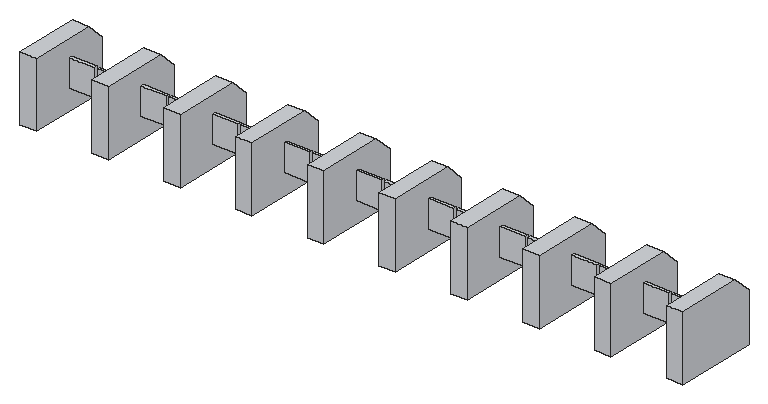
Revit family "TurnStile", category Generic Models, Revit 2024
Family settings
  Can host rebar = No
  Round Connector Dimension = Use Diameter
  Part Type = Normal
  Work Plane-Based = No
  Always vertical = Yes
  Cut with Voids When Loaded = No
  Maintain Annotation Orientation = No
  Shared = No
  Room Calculation Point = No
Parameters (values of type "SD")
  turnstile w [instance] = 1' - 0"  # constant formula
  num_array act [instance] = (L - edge offset * 2) / (module_desired) - 1  # 9
  module_desired [instance] = turnstile w + gap_desired  # 4' - 0"
  module_act [instance] = (L - edge offset * 2) / (num_array act)  # 4' - 4"
  gap_desired = 3' - 0"
  edge offset [instance] = turnstile w / 2  # 0' - 6"
  L [instance] = 40' - 0"
  Default Elevation = 0' - 0"
Reference planes (in)
  plane 1 "Center (Front/Back)": y = 0
  plane 2: z = 0
  plane 3 "Center (Left/Right)": x = 0
  plane 4: x = 480
  plane 5: x = 6
  plane 6: x = 422
  plane 7: x = 474
Dimensions and locks (in)
  "L": plane 3 "Center (Left/Right)" to plane 4
  "edge offset": plane 3 "Center (Left/Right)" to plane 5
  equal spacing: group 1, group 3, group 4, group 5, group 6, group 7, group 8, group 9, group 2  (x3)
  "module_act": plane 6 to plane 7
  "edge offset": plane 7 to plane 4
  aligned and locked: plane 2 to level
  aligned and locked: plane 1 "Center (Front/Back)" to nested 1
  aligned and locked: nested 2 to plane 6
  aligned and locked: plane 1 "Center (Front/Back)" to nested 2
  aligned and locked: plane 1 "Center (Front/Back)" to nested 4
  aligned and locked: plane 7 to nested 4
  aligned and locked: nested 1 to plane 5
Nested families (in)
  nested 1: "single turnstile" at (6, 0, 0), gap <- "gap_desired", actual module <- "module_act", type "single turnstile"
    with show_door yes, gap 3' - 4", door swing 1' - 7", door from CL 2' - 1", actual module 4' - 4"
  nested 2: "single turnstile" at (422, 0, 0), gap <- "gap_desired", actual module <- "module_act", type "single turnstile"
    with show_door yes, gap 3' - 4", door swing 1' - 7", door from CL 2' - 1", actual module 4' - 4"
  nested 3: "single turnstile" at (58, 0, 0), gap <- "gap_desired", actual module <- "module_act", type "single turnstile"
    with show_door yes, gap 3' - 4", door swing 1' - 7", door from CL 2' - 1", actual module 4' - 4"
  nested 4: "single turnstile" at (474, 0, 0), type "single turnstile"
    with show_door no, gap 6' - 11.45669", door swing 3' - 4.72835", door from CL 3' - 10.72835", actual module 7' - 11.45669"
  nested 5: "single turnstile" at (110, 0, 0), gap <- "gap_desired", actual module <- "module_act", type "single turnstile"
    with show_door yes, gap 3' - 4", door swing 1' - 7", door from CL 2' - 1", actual module 4' - 4"
  nested 6: "single turnstile" at (162, 0, 0), gap <- "gap_desired", actual module <- "module_act", type "single turnstile"
    with show_door yes, gap 3' - 4", door swing 1' - 7", door from CL 2' - 1", actual module 4' - 4"
  nested 7: "single turnstile" at (214, 0, 0), gap <- "gap_desired", actual module <- "module_act", type "single turnstile"
    with show_door yes, gap 3' - 4", door swing 1' - 7", door from CL 2' - 1", actual module 4' - 4"
  nested 8: "single turnstile" at (266, 0, 0), gap <- "gap_desired", actual module <- "module_act", type "single turnstile"
    with show_door yes, gap 3' - 4", door swing 1' - 7", door from CL 2' - 1", actual module 4' - 4"
  nested 9: "single turnstile" at (318, 0, 0), gap <- "gap_desired", actual module <- "module_act", type "single turnstile"
    with show_door yes, gap 3' - 4", door swing 1' - 7", door from CL 2' - 1", actual module 4' - 4"
  nested 10: "single turnstile" at (370, 0, 0), gap <- "gap_desired", actual module <- "module_act", type "single turnstile"
    with show_door yes, gap 3' - 4", door swing 1' - 7", door from CL 2' - 1", actual module 4' - 4"
Definition of nested family "single turnstile"
  Parameters (values of type "single turnstile")
    show_door [instance] = yes
    machine W = 1' - 0"  # constant formula
    inner gap = machine W / 2  # 0' - 6"
    gap [instance] = actual module - machine W  # 3' - 0"
    door thickness = 0' - 2"  # constant formula
    door swing [instance] = door from CL - machine W / 2  # 1' - 5"
    door from CL [instance] = actual module / 2 - 0' 1"  # 1' - 11"
    actual module [instance] = 4' - 0"
    Default Elevation = 0' - 0"
  Reference planes (in)
    plane 1 "Center (Front/Back)": y = 0
    plane 2: z = 0
    plane 3 "Center (Left/Right)": x = 0
    plane 4: x = 48
  Forms (in)
    Extrusion 1, solid
      sketch origin (0, 0, 0) x (1, 0, 0) y (0, 1, 0)
        loop
          line (-6, 29.52756) -> (-6, -29.52756) -> (6, -29.52756) -> (6, 29.52756) -> (-6, 29.52756)
      from 0 to 47.24409
    Extrusion 2, solid, visible <- "show_door"
      sketch origin (0, 0, 0) x (1, 0, 0) y (0, 1, 0)
        loop
          line (6, 1) -> (6, -1) -> (23, -1) -> (23, 1) -> (6, 1)
        loop
          line (25, 1) -> (25, -1) -> (42, -1) -> (42, 1) -> (25, 1)
      from 15.74803 to 35.43307
    Extrusion 3, void
      sketch origin (0, 0, 0) x (0, 1, 0) y (0, 0, 1)
        loop
          line (9.08833, 55.8723) -> (29.52756, 35.43307) -> (43.734, 35.43307) -> (43.734, 55.8723) -> (9.08833, 55.8723)
      from -24.34047 to 9.84252
  Cuts and joins
    Extrusion 3 cuts Extrusion 1
  Lines and regions (in)
    symbolic lines, visible <- "show_door"
      curve 1: arc (23, 0, 0) -> (18.02082, -12.02082, 0) -> (6, -17, 0) r 17
      curve 2: arc (25, 0, 0) -> (29.97918, -12.02082, 0) -> (42, -17, 0) r 17
  Dimensions and locks (in)
    "door from CL": plane 3 "Center (Left/Right)" to Extrusion 2 sketch curve
    equal spacing: Extrusion 1 sketch curve, plane 3 "Center (Left/Right)", Extrusion 1 sketch curve
    "machine W": Extrusion 1 sketch curve to Extrusion 1 sketch curve
    "actual module": plane 3 "Center (Left/Right)" to plane 4
    "inner gap": plane 3 "Center (Left/Right)" to Extrusion 2 sketch curve
    equal spacing: Extrusion 2 sketch curve, plane 1 "Center (Front/Back)", Extrusion 2 sketch curve
    "door thickness": Extrusion 2 sketch curve to Extrusion 2 sketch curve
    "door from CL": Extrusion 2 sketch curve to plane 4
    "inner gap": Extrusion 2 sketch curve to plane 4
    "inner gap": plane 3 "Center (Left/Right)" to curve 1
    "inner gap": curve 2 to plane 4
    "door swing": radius of curve 2
    "door swing": radius of curve 1
    aligned and locked: plane 2 to level
    aligned and locked: Extrusion 2 sketch curve to Extrusion 2 sketch curve  (x2)
  Automatic sketch dimensions
    Extrusion 3 sketch curve to plane 1 "Center (Front/Back)" = 2' - 5.52756"
    Extrusion 3 sketch curve to Extrusion 3 sketch curve = 1' - 2.20644"
    Extrusion 3 sketch curve to plane 1 "Center (Front/Back)" = 0' - 9.08833"
    Extrusion 3 sketch curve to Extrusion 3 sketch curve = 1' - 8.43923"
    level to Extrusion 3 sketch curve = 2' - 11.43307"
    plane 1 "Center (Front/Back)" to curve 1 = 0' - 0"
    plane 1 "Center (Front/Back)" to curve 2 = 0' - 0"
    plane 1 "Center (Front/Back)" to Extrusion 1 sketch curve = 2' - 5.52756"
    Extrusion 1 sketch curve to plane 1 "Center (Front/Back)" = 2' - 5.52756"
